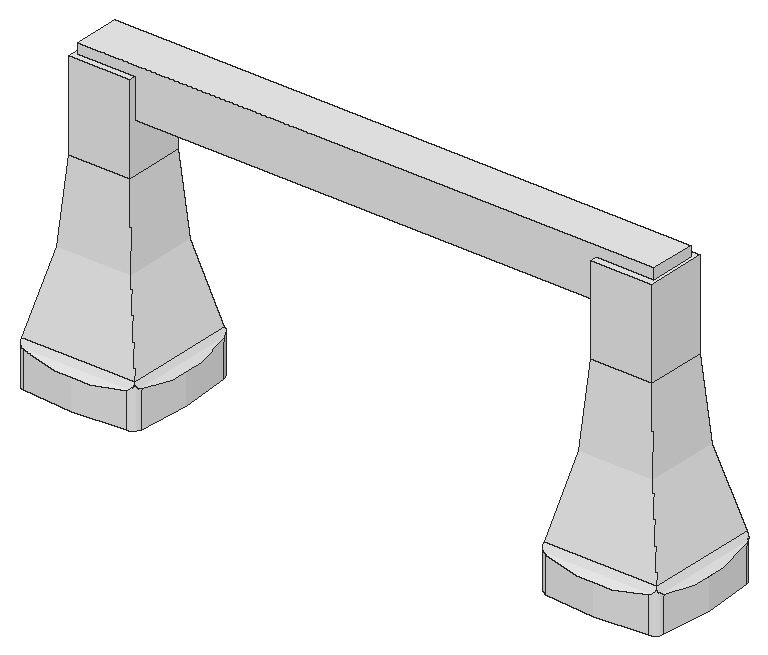
Revit family "Toilet_Paper_Holder-American_Standard-Townsend-7353230_Series", category Specialty Equipment, host Face, Revit 2019
Family settings
  Host = Face
  Round Connector Dimension = Use Diameter
  Part Type = Normal
  OmniClass Number = 23.40.20.21.21
  OmniClass Title = Toilet Paper Dispensers
  Cut with Voids When Loaded = No
  Shared = Yes
  Room Calculation Point = No
Parameters (values of type "7353230.002")
  Width = 4"  # constant formula
  Warranty Information = "Limited Lifetime Warranty"  # constant formula
  URL = "https://www.americanstandard-us.com/"
  Type Comments = ""
  Revised Date = "02/26/2024"  # constant formula
  Product Page URL = "https://www.americanstandard-us.com/toilet-paper-holders/townsend-toilet-paper-holder/chrome-7353230002"
  Product Documentation Link = "https://lixil.cdn.celum.cloud/168940_spec_7353230_Townsend_toilet_paper_holder_original.pdf"
  Model = "7353230.002"
  Material = "Metal-American Standard-002-Polished Chrome"
  Manufacturer = "American Standard"  # constant formula
  Length = 7 1/8"  # constant formula
  Installation Type = "Wall Mounted"  # constant formula
  Height = 2 1/4"  # constant formula
  Finish = Metal-American Standard-002-Polished Chrome
  Description = "Townsend® Toilet Paper Holder "  # constant formula
  Default Elevation = 20"  # constant formula
  Creation Date = "05/23/2019"  # constant formula
  Assembly Code = "C1030220"
Types (6): name | Product Page URL | Model | Material | Finish
  (no name) | "https://www.americanstandard-us.com/toilet-paper-holders/townsend-toilet-paper-holder/chrome-7353230002" | "7353230.002" | "Metal-American Standard-002-Polished Chrome" | Metal-American Standard-002-Polished Chrome
  7353230.002 | "https://www.americanstandard-us.com/toilet-paper-holders/townsend-toilet-paper-holder/chrome-7353230002" | "7353230.002" | "Metal-American Standard-002-Polished Chrome" | Metal-American Standard-002-Polished Chrome
  7353230.295 | "https://www.americanstandard-us.com/toilet-paper-holders/townsend-toilet-paper-holder/brushed-nickel-7353230295" | "7353230.295" | "Metal-American Standard-295-Brushed Nickel" | Metal-American Standard-295-Brushed Nickel
  7353230.013 | "https://www.americanstandard-us.com/toilet-paper-holders/townsend-toilet-paper-holder/polished-nickel-7353230013" | "7353230.013" | "Metal-American Standard-013-Polished Nickel" | Metal-American Standard-013-Polished Nickel
  7353230.243 | "https://www.americanstandard-us.com/toilet-paper-holders/townsend-toilet-paper-holder/matte-black-7353230243" | "7353230.243" | "Metal-American Standard-243-Matte Black" | Metal-American Standard-243-Matte Black
  7353230.GN0 | "https://www.americanstandard-us.com/toilet-paper-holders/townsend-toilet-paper-holder/grohe-brushed-cool-sunrise-7353230gn0" | "7353230.GN0" | "Metal-American Standard-GN0-Brushed Cool Sunrise" | Metal-American Standard-GN0-Brushed Cool Sunrise
Reference planes (in)
  plane 1 "Center (Front/Back)": y = 0
  plane 2: z = 0
  plane 3 "Center (Left/Right)": x = -0.00133
  plane 4: z = 4
  plane 5: y = -0.3125
  plane 6: y = 0.3125
  plane 7: z = 4.3
  plane 8: z = 3.6875
  plane 9: x = -3.56383
  plane 10: x = 3.56117
  plane 11: x = -2.69148
  plane 12: x = -4.43617
  plane 13: x = 4.43617
  plane 14: x = 2.68617
  plane 15: y = 0.875
  plane 16: y = -0.875
  plane 17: x = -2.25133
Forms (in)
  Extrusion 1, solid, material "Metal-American Standard-002-Polished Chrome" <- "Finish"
    sketch origin (0, 0, 0) x (1, 0, 0) y (0, 1, 0)
      loop
        line (3.92739, 0.3125) -> (-3.93005, 0.3125) -> (-3.93005, -0.3125) -> (3.92739, -0.3125) -> (3.92739, 0.3125)
    from 3.46272 to 4.14043
  Sweep 2, solid, material "Metal-American Standard-002-Polished Chrome" <- "Finish"
    path origin (0, 0, 0) x (1, 0, 0) y (0, 1, 0)
      loop
        line (-4.68617, 1.125) -> (-4.68617, -1.125) -> (-2.43617, -1.125) -> (-2.43617, 1.125) -> (-4.68617, 1.125)
    profile origin (-3.56117, 1.125, 0) x (0, 1, 0) y (0, 0, 1)
      loop
        line (-0.75613, 0) -> (0.33314, 0) -> (0.33314, 0.25) -> (0.06529, 0.25)
        arc (0.06529, 0.25) -> (-0.01683, 0.25962) -> (-0.09451, 0.28796) r 0.35533
        arc (-0.09451, 0.28796) -> (-0.25775, 0.41549) -> (-0.35963, 0.59585) r 0.52991
        arc (-0.35963, 0.59585) -> (-0.62338, 1.68262) -> (-0.71204, 2.79743) r 7.05294
        line (-0.71204, 2.79743) -> (-0.71204, 4) -> (-0.75613, 4) -> (-0.75613, 0)
  Sweep 3, solid, material "Metal-American Standard-002-Polished Chrome" <- "Finish"
    path origin (-0.00265, 0, 0) x (-1, 0, 0) y (0, 1, 0)
      loop
        line (-4.68617, 1.125) -> (-4.68617, -1.125) -> (-2.43617, -1.125) -> (-2.43617, 1.125) -> (-4.68617, 1.125)
    profile origin (3.55852, 1.125, 0) x (0, -1, 0) y (0, 0, 1)
      loop
        line (0.75613, 0) -> (0.75613, 4) -> (0.71204, 4) -> (0.71204, 2.79743)
        arc (0.71204, 2.79743) -> (0.62338, 1.68262) -> (0.35963, 0.59585) r 7.05294
        arc (0.35963, 0.59585) -> (0.25775, 0.41549) -> (0.09451, 0.28796) r 0.52991
        arc (0.09451, 0.28796) -> (0.01683, 0.25962) -> (-0.06529, 0.25) r 0.35533
        line (-0.06529, 0.25) -> (-0.33314, 0.25) -> (-0.33314, 0) -> (0.75613, 0)
  Extrusion 4, void
    sketch origin (0, 0, 0) x (1, 0, 0) y (0, 1, 0)
      loop
        arc (-4.26832, 0.81631) -> (-4.34211, 0.77828) -> (-4.38013, 0.70449) r 0.13624
        arc (-4.38013, 0.70449) -> (-4.43883, 0.00018) -> (-4.38019, -0.70414) r 4.25731
        arc (-4.38019, -0.70414) -> (-4.34203, -0.7782) -> (-4.26797, -0.81637) r 0.13672
        arc (-4.26797, -0.81637) -> (-3.56383, -0.875) -> (-2.85968, -0.81637) r 4.25731
        arc (-2.85968, -0.81637) -> (-2.78562, -0.7782) -> (-2.74746, -0.70414) r 0.13672
        arc (-2.74746, -0.70414) -> (-2.68883, 0) -> (-2.74746, 0.70414) r 4.25731
        arc (-2.74746, 0.70414) -> (-2.78562, 0.7782) -> (-2.85968, 0.81637) r 0.13672
        arc (-2.85968, 0.81637) -> (-3.564, 0.875) -> (-4.26832, 0.81631) r 4.25731
      loop
        line (-5.01931, 1.45814) -> (-5.01931, -1.45814) -> (-2.10303, -1.45814) -> (-2.10303, 1.45814) -> (-5.01931, 1.45814)
      loop
        line (5.01666, 1.45814) -> (2.10038, 1.45814) -> (2.10038, -1.45814) -> (5.01666, -1.45814) -> (5.01666, 1.45814)
      loop
        arc (4.26566, 0.81631) -> (3.56135, 0.875) -> (2.85703, 0.81637) r 4.25731
        arc (2.85703, 0.81637) -> (2.78297, 0.7782) -> (2.74481, 0.70414) r 0.13672
        arc (2.74481, 0.70414) -> (2.68617, 0) -> (2.74481, -0.70414) r 4.25731
        arc (2.74481, -0.70414) -> (2.78297, -0.7782) -> (2.85703, -0.81637) r 0.13672
        arc (2.85703, -0.81637) -> (3.56117, -0.875) -> (4.26532, -0.81637) r 4.25731
        arc (4.26532, -0.81637) -> (4.33938, -0.7782) -> (4.37754, -0.70414) r 0.13672
        arc (4.37754, -0.70414) -> (4.43617, 0.00018) -> (4.37748, 0.70449) r 4.25731
        arc (4.37748, 0.70449) -> (4.33946, 0.77828) -> (4.26566, 0.81631) r 0.13624
    from 0 to 0.58856
  Extrusion 5, solid, material "Metal-American Standard-002-Polished Chrome" <- "Finish"
    sketch origin (0, 0, 0) x (1, 0, 0) y (0, 1, 0)
      loop
        line (-3.93005, 0.36887) -> (-3.93005, -0.36887) -> (-3.1923, -0.36887) -> (-3.1923, 0.36887) -> (-3.93005, 0.36887)
      loop
        line (3.92739, 0.36887) -> (3.18965, 0.36887) -> (3.18965, -0.36887) -> (3.92739, -0.36887) -> (3.92739, 0.36887)
    from 0 to 4
Cuts and joins
  Extrusion 4 cuts Sweep 2
  Extrusion 4 cuts Sweep 3
  joined: Extrusion 1, Sweep 2, Sweep 3, Extrusion 5
Lines and regions (in)
  Masking region 1
    outline origin (0, 0, 0) x (1, 0, 0) y (0, 0, 1)
      loop
        line (3.97148, 2.79743) -> (3.97148, 4) -> (3.92739, 4) -> (3.92739, 4.14043) -> (-3.93005, 4.14043) -> (-3.93005, 4) -> (-3.97413, 4) -> (-3.97413, 2.79743)
        arc (-3.97413, 2.79743) -> (-4.0906, 1.52096) -> (-4.43617, 0.28664) r 7.05294
        line (-4.43617, 0.28664) -> (-4.43617, 0) -> (-2.69148, 0) -> (-2.69148, 0.30062)
        arc (-2.69148, 0.30062) -> (-3.03309, 1.52831) -> (-3.14822, 2.79743) r 7.05294
        line (-3.14822, 2.79743) -> (-3.14822, 3.46272) -> (3.14556, 3.46272) -> (3.14556, 2.79743)
        arc (3.14556, 2.79743) -> (3.02976, 1.52463) -> (2.68617, 0.29362) r 7.05294
        line (2.68617, 0.29362) -> (2.68617, 0) -> (4.43617, 0) -> (4.43617, 0.27969)
        arc (4.43617, 0.27969) -> (4.08862, 1.5173) -> (3.97148, 2.79743) r 7.05294
  symbolic lines, detail levels medium+fine
    curve 1: line (3.92739, 0, 4) -> (3.14556, 0, 4)
    curve 2: line (3.14556, 0, 4) -> (3.14556, 0, 3.40022)
    curve 3: line (-3.93005, 0, 4) -> (-3.14822, 0, 4)
    curve 4: line (-3.14822, 0, 4) -> (-3.14822, 0, 3.40022)
  symbolic lines, detail levels fine
    curve 5: line (4.43617, 0, 0.27969) -> (2.68617, 0, 0.27969)
    curve 6: line (-2.69148, 0, 0.27969) -> (-4.43617, 0, 0.27969)
Dimensions and locks (in)
  "Width": plane 4 to plane 2
  plane 6 to plane 1 "Center (Front/Back)" to plane 5 = 5/16", 5/16"
  host face to plane 4 = 4"
  plane 8 to plane 4 to plane 7 = 5/16", 0.3"
  plane 7 to plane 8 = 0.6125"
  plane 8 to plane 7 = 0.6125"
  equal spacing: plane 15, plane 1 "Center (Front/Back)", plane 16
  locked: plane 15 to plane 16 at 1.75
  equal spacing: plane 12, plane 9, plane 11
  locked: plane 12 to plane 11 at 1.74469
  equal spacing: plane 14, plane 10, plane 13
  locked: plane 14 to plane 13 at 1.75
  equal spacing: plane 9, plane 3 "Center (Left/Right)", plane 10
  "Length": plane 9 to plane 10
  locked: Sweep 3 sketch curve to plane 15 at 0.25
  locked: Sweep 3 sketch curve to plane 16 at 0.25
  locked: plane 13 to Sweep 3 sketch curve at 0.24735
  locked: Sweep 3 sketch curve to plane 14 at 0.25265
  locked: Sweep 2 sketch curve to plane 15 at 0.25
  locked: Sweep 2 sketch curve to plane 16 at 0.25
  locked: Sweep 2 sketch curve to plane 12 at 0.25
  locked: plane 11 to Sweep 2 sketch curve at 0.25531
  locked: Sweep 2 sketch curve to profile plane at 0.33314
  locked: profile plane to Sweep 2 sketch curve at 0.75613
  locked: Sweep 2 sketch curve to Sweep 2 sketch curve at 0.04408
  locked: Sweep 3 sketch curve to profile plane at 0.33314
  locked: profile plane to Sweep 3 sketch curve at 0.75613
  locked: Sweep 3 sketch curve to Sweep 3 sketch curve at 0.04408
  locked: Extrusion 4 sketch curve to Extrusion 4 sketch curve at 0.58314  (x4)
  locked: Extrusion 4 sketch curve to Extrusion 4 sketch curve at 0.58049  (x2)
  locked: Extrusion 4 sketch curve to Extrusion 4 sketch curve at 0.58579  (x2)
  locked: plane 12 to Masking region 1 sketch curve at 1.74469
  locked: level to curve 5 at 0.27969
  locked: plane 9 to plane 17 at 1.3125
  aligned and locked: plane 2 to host face
  aligned and locked: level to host face
  aligned and locked: plane 4 to Sweep 2 sketch curve
  aligned and locked: level to Sweep 2 sketch curve
  aligned and locked: level to Sweep 3 sketch curve
  aligned and locked: plane 4 to Sweep 3 sketch curve
  aligned and locked: Extrusion 4 sketch curve to Sweep 3  (x4)
  aligned and locked: Masking region 1 sketch curve to cut or joined group of Extrusion 1, Sweep 2, Sweep 3, Extrusion 4, Extrusion 5  (x10)
  aligned and locked: Masking region 1 sketch curve to plane 13
  aligned and locked: plane 14 to Masking region 1 sketch curve
  aligned and locked: cut or joined group of Extrusion 1, Sweep 2, Sweep 3, Extrusion 4, Extrusion 5 to Masking region 1 sketch curve  (x2)
  aligned and locked: plane 12 to Masking region 1 sketch curve
  aligned and locked: cut or joined group of Extrusion 1, Sweep 2, Sweep 3, Extrusion 4, Extrusion 5 to cut or joined group of Extrusion 1, Sweep 2, Sweep 3, Extrusion 4, Extrusion 5  (x2)
  aligned and locked: curve 3 to plane 4
  aligned and locked: plane 4 to curve 1
  aligned and locked: curve 2 to Masking region 1
  aligned and locked: Masking region 1 to curve 5  (x2)
  aligned and locked: plane 12 to curve 6
  aligned and locked: Masking region 1 to curve 6
  aligned and locked: curve 5 to curve 6
  aligned and locked: Extrusion 1 to Sweep 2
Automatic sketch dimensions
  host sketch curve to host sketch curve = 96"  (x2)
  plane 6 to Extrusion 1 sketch curve = 0"
  Extrusion 1 sketch curve to plane 11 = 1.23857"
  plane 5 to Extrusion 1 sketch curve = 0"
  Extrusion 1 sketch curve to plane 14 = 1.24122"
  level to Sweep 3 sketch curve = 2.79743"
  profile plane to Sweep 3 sketch curve = 6.3409"
  profile plane to Sweep 3 sketch curve = 0.14381"
  profile plane to Sweep 3 sketch curve = 0.06529"
  Sweep 3 sketch curve to Sweep 3 sketch curve = 1/4"
  Sweep 3 sketch curve to Sweep 3 sketch curve = 0.35533"
  Sweep 3 sketch curve to Sweep 3 sketch curve = 0.15593"
  Sweep 3 sketch curve to Sweep 3 sketch curve = 0"
  plane 1 "Center (Front/Back)" to Extrusion 4 sketch curve = 0"  (x4)
  Extrusion 4 sketch curve to plane 9 = 0"  (x2)
  Extrusion 4 sketch curve to plane 10 = 0"  (x2)
  Extrusion 4 sketch curve to plane 12 = 0.19082"
  Extrusion 4 sketch curve to plane 12 = 0.1904"
  plane 12 to Extrusion 4 sketch curve = 0.58314"
  Extrusion 4 sketch curve to Extrusion 4 sketch curve = 1.92683"  (x2)
  Extrusion 4 sketch curve to plane 11 = 0.19082"  (x2)
  plane 11 to Extrusion 4 sketch curve = 0.58845"
  Extrusion 4 sketch curve to Extrusion 4 sketch curve = 1.92152"  (x2)
  Extrusion 4 sketch curve to plane 14 = 0.19347"  (x2)
  Extrusion 4 sketch curve to plane 13 = 0.19347"
  Extrusion 4 sketch curve to plane 13 = 0.19305"
  Extrusion 4 sketch curve to Extrusion 4 sketch curve = 1.92417"  (x3)
  plane 16 to Extrusion 4 sketch curve = 2.50731"
  plane 16 to Extrusion 4 sketch curve = 0.58314"
  Extrusion 4 sketch curve to plane 16 = 0.19347"  (x4)
  Extrusion 4 sketch curve to plane 15 = 0.19347"  (x2)
  Extrusion 4 sketch curve to plane 15 = 0.19305"  (x2)
  plane 15 to Extrusion 4 sketch curve = 0.58314"
  Extrusion 4 sketch curve to Extrusion 4 sketch curve = 0"  (x8)
  plane 9 to curve 3 = 0.41561"
  curve 3 to plane 9 = 0.36622"
  plane 10 to curve 1 = 0.36622"
  plane 8 to curve 4 = 0.28728"
  plane 8 to curve 2 = 0.28728"
  Masking region 1 sketch curve to Masking region 1 sketch curve = 0.04408"  (x2)
  Sweep 2 sketch curve to profile plane = 0.06529"
  Sweep 2 sketch curve to profile plane = 0.14381"
  level to Sweep 2 sketch curve = 2.79743"
  Sweep 2 sketch curve to profile plane = 6.3409"
  Sweep 2 sketch curve to Sweep 2 sketch curve = 1/4"
  Sweep 2 sketch curve to Sweep 2 sketch curve = 0.35533"
  Sweep 2 sketch curve to Sweep 2 sketch curve = 0.15593"
  Sweep 2 sketch curve to Sweep 2 sketch curve = 0"
  plane 5 to Extrusion 5 sketch curve = 0.05637"  (x2)
  Extrusion 5 sketch curve to plane 9 = 0.36622"
  plane 9 to Extrusion 5 sketch curve = 0.37153"
  Extrusion 5 sketch curve to plane 10 = 0.37153"
  plane 10 to Extrusion 5 sketch curve = 0.36622"
  Extrusion 5 sketch curve to plane 6 = 0.05637"  (x2)
